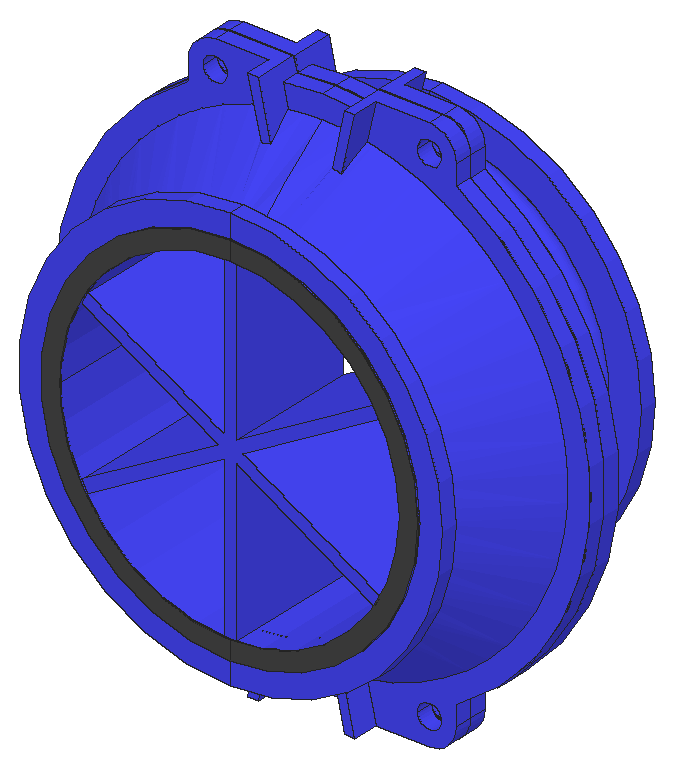
Revit family "928-00-002-DN600-1200", category Pipe Accessories, Revit 2022
Family settings
  Round Connector Dimension = Use Diameter
  Part Type = Valve - Breaks Into
  Work Plane-Based = No
  Always vertical = Yes
  Cut with Voids When Loaded = No
  Shared = No
Parameters (values of type "DN900_PN25")
  slot_L = FL_T * 0.2  # 9.3 mm
  reference = Bore_R + Raised_dis  # 454 mm
  logo = B / 4  # 88.75 mm
  fillet_location = Raised_R * 0.8  # 400 mm
  URL product pages = "https://www.avkvalves.com/P.aspx?no=92860000030010200"
  Support_dim1 = size_lookup(Search_table, "Support_dim1", 0 mm, DN)  # 358.55 mm
  Support_dim = size_lookup(Search_table, "Support_dim", 0 mm, DN)  # 71.04 mm
  Slot_b = slot_L * 0.4  # 3.72 mm
  Search_table = "928-00-002-DN600-1200"
  Rib_T = FL_support3 * 0.8  # 113.6 mm
  Rib_L = FL_T * 1.5  # 69.75 mm
  Raised_dis = size_lookup(Search_table, "Raised_dis", 0 mm, DN)  # 4 mm
  Raised_R = size_lookup(Search_table, "Raised_R", 0 mm, DN)  # 500 mm
  PCD = size_lookup(Search_table, "PCD", 0 mm, DN) / 2  # 525 mm
  Mid_FL+5 = Mid_FL * 1.7  # 50.32 mm
  Mid_FL = A * 0.04  # 29.6 mm
  Inside_T = FL_T * 0.35  # 16.275 mm
  Hole_R = size_lookup(Search_table, "Hole_R", 0 mm, DN) * 1.8  # 32.4 mm
  Fillet = size_lookup(Search_table, "Fillet", 0 mm, DN)  # 23.25 mm
  FL_support4 = FL_support3 * 0.7  # 99.4 mm
  FL_support3 = B * 0.4  # 142 mm
  FL_support2 = B * 0.9  # 319.5 mm
  FL_support1 = Body_revolve + (Body_revolve * 0.1)  # 99.99 mm
  FL_T = size_lookup(Search_table, "FL_T", 0 mm, DN)  # 46.5 mm
  FL_R = size_lookup(Search_table, "FL_R", 0 mm, DN)  # 562 mm
  Description_ = "AVK DISC CHECK VALVE, FLANGED, PN25"
  Default Elevation = 0 mm
  DN900_PN25 = "928-900-00-030020200"
  DN800_PN25 = "928-800-00-030010200"
  DN750_PN25 = "928-750-00-030010200"
  DN700_PN25 = "928-700-00-030010200"
  DN600_PN25 = "928-600-00-030010200"
  DN1200_PN25 = "928-A12-00-030020200"
  DN1000_PN25 = "928-A10-00-030020200"
  DN = 900 mm
  Bore_R_cut = Bore_R + 2 mm  # 452 mm
  Bore_R = size_lookup(Search_table, "Bore_R", 0 mm, DN)  # 450 mm
  Body_revolve = FL_T + (Mid_FL * 1.5)  # 90.9 mm
  Body_T = size_lookup(Search_table, "Body_T", 0 mm, DN)  # 15 mm
  Body_Rev1 = FL_T + Fillet  # 69.75 mm
  Body_Arc = PCD * 1.1  # 577.5 mm
  B-3 = B - 3 mm  # 352 mm
  B = size_lookup(Search_table, "B", 0 mm, DN) / 2  # 355 mm
  A-3 = A - 3 mm  # 737 mm
  A = size_lookup(Search_table, "A", 0 mm, DN) / 2  # 740 mm
  5 = 5 mm  # constant formula
  1 = 1 mm  # constant formula
Types (8, lengths in mm): name | slot_L | reference | logo | fillet_location | Support_dim1 | Support_dim | Slot_b | Rib_T | Rib_L | Raised_R | PCD | Mid_FL+5 | Mid_FL | Inside_T | Hole_R | Fillet | FL_support4 | FL_support3 | FL_support2 | FL_support1 | FL_T | FL_R | DN | Bore_R_cut | Bore_R | Body_revolve | Body_T | Body_Rev1 | Body_Arc | B-3 | B | A-3 | A
  (no name) | 9.3 | 454 | 88.75 | 400 | 358.55 | 71.04 | 3.72 | 113.6 | 69.75 | 500 | 525 | 50.32 | 29.6 | 16.275 | 32.4 | 23.25 | 99.4 | 142 | 319.5 | 99.99 | 46.5 | 562 | 900 | 452 | 450 | 90.9 | 15 | 69.75 | 577.5 | 352 | 355 | 737 | 740
  DN600_PN25 | 7.2 | 304 | 54.375 | 272.8 | 219.675 | 44.16 | 2.88 | 69.6 | 54 | 341 | 385 | 31.28 | 18.4 | 12.6 | 28.8 | 18 | 60.9 | 87 | 195.75 | 69.96 | 36 | 420 | 600 | 302 | 300 | 63.6 | 8 | 54 | 423.5 | 214.5 | 217.5 | 457 | 460
  DN700_PN25 | 8 | 354 | 62.5 | 317.6 | 252.5 | 53.76 | 3.2 | 80 | 60 | 397 | 420 | 38.08 | 22.4 | 14 | 28.8 | 20 | 70 | 100 | 225 | 80.96 | 40 | 455 | 700 | 352 | 350 | 73.6 | 10 | 60 | 462 | 247 | 250 | 557 | 560
  DN750_PN25 | 8.6 | 379 | 64.375 | 336 | 260.075 | 56.64 | 3.44 | 82.4 | 64.5 | 420 | 450 | 40.12 | 23.6 | 15.05 | 32.4 | 21.5 | 72.1 | 103 | 231.75 | 86.24 | 43 | 480 | 750 | 377 | 375 | 78.4 | 12 | 64.5 | 495 | 254.5 | 257.5 | 587 | 590
  DN800_PN25 | 8.6 | 404 | 64.375 | 360.8 | 260.075 | 56.64 | 3.44 | 82.4 | 64.5 | 451 | 475 | 40.12 | 23.6 | 15.05 | 32.4 | 21.5 | 72.1 | 103 | 231.75 | 86.24 | 43 | 512 | 800 | 402 | 400 | 78.4 | 14 | 64.5 | 522.5 | 254.5 | 257.5 | 587 | 590
  DN900_PN25 | 9.3 | 454 | 88.75 | 400 | 358.55 | 71.04 | 3.72 | 113.6 | 69.75 | 500 | 525 | 50.32 | 29.6 | 16.275 | 32.4 | 23.25 | 99.4 | 142 | 319.5 | 99.99 | 46.5 | 562 | 900 | 452 | 450 | 90.9 | 15 | 69.75 | 577.5 | 352 | 355 | 737 | 740
  DN1000_PN25 | 10 | 504 | 91.25 | 444.8 | 368.65 | 72 | 4 | 116.8 | 75 | 556 | 585 | 51 | 30 | 17.5 | 36 | 25 | 102.2 | 146 | 328.5 | 104.5 | 50 | 627 | 1000 | 502 | 500 | 95 | 15 | 75 | 643.5 | 362 | 365 | 747 | 750
  DN1200_PN25 | 11.4 | 604 | 112.5 | 531.2 | 454.5 | 90.72 | 4.56 | 144 | 85.5 | 664 | 695 | 64.26 | 37.8 | 19.95 | 36 | 28.5 | 126 | 180 | 405 | 125.07 | 57 | 743 | 1200 | 602 | 600 | 113.7 | 18 | 85.5 | 764.5 | 447 | 450 | 942 | 945
Reference planes
  plane 1 "Center (Front/Back)": y = 0
  plane 2: z = 0
  plane 3 "Center (Left/Right)": x = 0
  plane 4: z = 740
  plane 5: z = -740
  plane 6: x = -355
  plane 7: x = 355
  plane 8: y = 355
  plane 9: y = -355
  plane 10: y = 46.5
  plane 11: y = -46.5
  plane 12: x = -358.55
  plane 13: x = 358.55
  plane 14: y = 1.86
  plane 15: y = -1.86
  plane 16: x = -740
  plane 17: x = 740
  plane 18: y = 308.5
  plane 19: y = -308.5
  plane 20: through (0, -1524, 0) normal (-0.5, 0, -0.866)
  plane 21: through (0, -1524, 0) normal (-0.866, 0, 0.5)
  plane 22: through (0, -1524, 0) normal (0.5, 0, -0.866)
  plane 23: through (0, -1524, 0) normal (-0.5, 0, 0.866)
  plane 24: through (0, -1524, 0) normal (0.5, 0, 0.866)
  plane 25: through (0, -1524, 0) normal (0.866, 0, 0.5)
Forms (mm)
  Revolve 1, solid, material "Laminate, Blue, Matte"
    sketch origin (0, 0, 0) x (0, 1, 0) y (0, 0, 1)
      loop
        line (354, 0) -> (354, 500) -> (351, 500) -> (351, 562) -> (308.5, 562) -> (308.5, 475.25)
        arc (308.5, 475.25) -> (301.69, 458.81) -> (285.25, 452) r 23.25
        line (285.25, 452) -> (46.5, 452) -> (46.5, 710.4) -> (-46.5, 710.4) -> (-46.5, 452) -> (-285.25, 452)
        arc (-285.25, 452) -> (-301.69, 458.81) -> (-308.5, 475.25) r 23.25
        line (-308.5, 475.25) -> (-308.5, 562) -> (-351, 562) -> (-351, 500) -> (-354, 500) -> (-354, 0) -> (354, 0)
      axis (354, 0) -> (-354, 0)
    angle from 0 to 360
  Revolve 2, solid, material "Laminate, Blue, Matte"
    sketch origin (0, 0, 0) x (0, 1, 0) y (0, 0, 1)
      loop
        arc (285.25, 452) -> (169.733, 555.223) -> (46.5, 649.1) r 1980.18
        line (46.5, 649.1) -> (-46.5, 649.1)
        arc (-46.5, 649.1) -> (-169.733, 555.223) -> (-285.25, 452) r 1980.18
        line (-285.25, 452) -> (285.25, 452)
      axis (285.25, 0) -> (-285.25, 0)
    angle from 0 to 360
  Revolve 3, solid, material "Default Wall"
    sketch origin (0, 0, 0) x (0, 1, 0) y (0, 0, 1)
      loop
        line (355, 500) -> (354, 500) -> (354, 450) -> (355, 450) -> (355, 500)
      loop
        line (-354, 500) -> (-355, 500) -> (-355, 450) -> (-354, 450) -> (-354, 500)
      axis (355, 0) -> (-355, 0)
    angle from 0 to 360
  Extrusion 4, solid, material "Laminate, Blue, Matte"
    sketch origin (0, 0, 0) x (1, 0, 0) y (0, 0, 1)
      loop
        line (355, 740) -> (142, 740) -> (99.4, 640.01) -> (-99.4, 640.01) -> (-142, 740) -> (-358.55, 740) -> (-358.55, -740) -> (-142, -740) -> (-99.4, -640.01) -> (99.4, -640.01) -> (142, -740) -> (355, -740) -> (355, 740)
    from -46.5 to 46.5
  Extrusion 5, void
    sketch origin (0, 0, 0) x (-1, 0, 0) y (0, 0, 1)
      loop
        arc (-355, 668.96) -> (-334.193, 719.193) -> (-283.96, 740) r 71.04
        line (-283.96, 740) -> (-283.96, 741) -> (-358.55, 741) -> (-358.55, 613.278)
        arc (-358.55, 613.278) -> (-356.776, 614.312) -> (-355, 615.34) r 710.4
        line (-355, 615.34) -> (-355, 668.96)
      loop
        line (355, 668.96) -> (355, 615.34)
        arc (355, 615.34) -> (356.776, 614.312) -> (358.55, 613.278) r 710.4
        line (358.55, 613.278) -> (358.55, 741) -> (283.96, 741) -> (283.96, 740)
        arc (283.96, 740) -> (334.193, 719.193) -> (355, 668.96) r 71.04
      loop
        line (-355, -668.96) -> (-355, -615.34)
        arc (-355, -615.34) -> (-356.776, -614.312) -> (-358.55, -613.278) r 710.4
        line (-358.55, -613.278) -> (-358.55, -741) -> (-283.96, -741) -> (-283.96, -740)
        arc (-283.96, -740) -> (-334.193, -719.193) -> (-355, -668.96) r 71.04
      loop
        arc (355, -668.96) -> (334.193, -719.193) -> (283.96, -740) r 71.04
        line (283.96, -740) -> (283.96, -741) -> (358.55, -741) -> (358.55, -613.278)
        arc (358.55, -613.278) -> (356.776, -614.312) -> (355, -615.34) r 710.4
        line (355, -615.34) -> (355, -668.96)
      loop
        circle (-283.96, 668.96) r 32.4
      loop
        circle (283.96, 668.96) r 32.4
      loop
        circle (-283.96, -668.96) r 32.4
      loop
        circle (283.96, -668.96) r 32.4
    from -46.5 to 46.5
  Extrusion 6, solid, material "Laminate, Blue, Matte"
    sketch origin (0, 0, 0) x (1, 0, 0) y (0, 0, 1)
      loop
        line (0, 152.232) -> (142, 740) -> (113.6, 740) -> (0, 213.785) -> (-113.6, 740) -> (-142, 740) -> (0, 152.232)
      loop
        line (0, -152.232) -> (-142, -740) -> (-113.6, -740) -> (0, -213.785) -> (113.6, -740) -> (142, -740) -> (0, -152.232)
    from -116.25 to 116.25
  Revolve 7, void
    sketch origin (0, 0, 0) x (0, 1, 0) y (0, 0, 1)
      loop
        line (1.86, 811.04) -> (-1.86, 811.04) -> (-1.86, 562) -> (1.86, 562) -> (1.86, 811.04)
      axis (1.86, 0) -> (-1.86, 0)
    angle from 0 to 360
  Extrusion 8, void
    sketch origin (0, 0, 0) x (-1, 0, 0) y (0, 0, 1)
      loop
        circle (0, 0) r 450
    from -355 to 355
  Extrusion 9, solid, material "Laminate, Blue, Matte"
    sketch origin (0, 0, 0) x (1, 0, 0) y (0, 0, 1)
      loop
        line (-16.275, 450) -> (-16.275, 28.189) -> (-381.574, 239.095) -> (-397.849, 210.905) -> (-32.55, 0) -> (-397.849, -210.905) -> (-381.574, -239.095) -> (-16.275, -28.189) -> (-16.275, -450) -> (16.275, -450) -> (16.275, -28.189) -> (381.574, -239.095) -> (397.849, -210.905) -> (32.55, 0) -> (397.849, 210.905) -> (381.574, 239.095) -> (16.275, 28.189) -> (16.275, 450) -> (-16.275, 450)
    from 351 to 0
Cuts and joins
  Extrusion 5, Revolve 7, Extrusion 8 cuts Revolve 1
  Extrusion 5, Revolve 7, Extrusion 8 cuts Revolve 2
  Extrusion 5, Revolve 7, Extrusion 8 cuts Extrusion 4
  Revolve 7, Extrusion 8 cuts Extrusion 6
  joined: Revolve 1, Revolve 2, Extrusion 4, Extrusion 6
  Extrusion 8 cuts Revolve 3
Dimensions and locks
  equal spacing: plane 4, level, plane 5
  "A": plane 4 to level
  equal spacing: plane 7, plane 3 "Center (Left/Right)", plane 6
  "B": plane 3 "Center (Left/Right)" to plane 6
  equal spacing: plane 8, plane 1 "Center (Front/Back)", plane 9
  "B": plane 8 to plane 1 "Center (Front/Back)"
  "FL_R": Revolve 1 sketch curve to level  (x2)
  "Raised_dis": plane 8 to Revolve 1 sketch curve
  "FL_T": plane 8 to Revolve 1 sketch curve
  "Raised_dis": Revolve 1 sketch curve to plane 9
  "FL_T": Revolve 1 sketch curve to plane 9
  "Raised_R": Revolve 1 sketch curve to level
  "Mid_FL": plane 4 to Revolve 1 sketch curve
  equal spacing: Revolve 1 sketch curve, plane 1 "Center (Front/Back)", Revolve 1 sketch curve
  "FL_T": Revolve 1 sketch curve to plane 1 "Center (Front/Back)"
  "Bore_R_cut": Revolve 1 sketch curve to level
  "Bore_R_cut": Revolve 2 sketch curve to level
  "Body_revolve": plane 4 to Revolve 2 sketch curve
  "Body_Rev1": plane 8 to Revolve 2 sketch curve
  equal spacing: Revolve 2 sketch curve, plane 1 "Center (Front/Back)", Revolve 2 sketch curve
  "FL_T": plane 1 "Center (Front/Back)" to Revolve 2 sketch curve
  "Body_Rev1": Revolve 2 sketch curve to plane 9
  "Bore_R": Revolve 3 sketch curve to level  (x2)
  "Raised_R": Revolve 3 sketch curve to level  (x2)
  "1": plane 8 to Revolve 3 sketch curve
  "1": Revolve 3 sketch curve to plane 9
  "1": plane 8 to Revolve 1 sketch curve
  "1": Revolve 1 sketch curve to plane 9
  equal spacing: Extrusion 4 sketch curve, plane 3 "Center (Left/Right)", Extrusion 4 sketch curve  (x4)
  Extrusion 4 sketch curve to plane 3 "Center (Left/Right)" = 355 mm
  "FL_support1": Extrusion 4 sketch curve to plane 4
  "FL_support3": Extrusion 4 sketch curve to plane 3 "Center (Left/Right)"  (x2)
  "FL_support4": Extrusion 4 sketch curve to plane 3 "Center (Left/Right)"  (x2)
  "Support_dim1": plane 3 "Center (Left/Right)" to Extrusion 4 sketch curve
  "FL_support1": plane 5 to Extrusion 4 sketch curve
  equal spacing: plane 10, plane 1 "Center (Front/Back)", plane 11
  "FL_T": plane 10 to plane 1 "Center (Front/Back)"
  "Support_dim": Extrusion 5 sketch curve to plane 7  (x2)
  "Support_dim": Extrusion 5 sketch curve to plane 6  (x2)
  "Support_dim": Extrusion 5 sketch curve to plane 4  (x2)
  "Support_dim": plane 5 to Extrusion 5 sketch curve  (x2)
  "Support_dim1": plane 3 "Center (Left/Right)" to plane 12
  "1": Extrusion 5 sketch curve to plane 4  (x2)
  "1": plane 5 to Extrusion 5 sketch curve  (x2)
  equal spacing: plane 13, plane 3 "Center (Left/Right)", plane 12
  "FL_support3": plane 3 "Center (Left/Right)" to Extrusion 6 sketch curve  (x4)
  "Rib_T": plane 3 "Center (Left/Right)" to Extrusion 6 sketch curve  (x4)
  equal spacing: Extrusion 6 sketch curve, level, Extrusion 6 sketch curve  (x2)
  locked: Extrusion 6 sketch curve to plane 3 "Center (Left/Right)"  (x2)
  equal spacing: cut or joined group of Revolve 1, Revolve 2, Extrusion 4, Extrusion 5, Extrusion 6, Revolve 7, Extrusion 8, plane 1 "Center (Front/Back)", cut or joined group of Revolve 1, Revolve 2, Extrusion 4, Extrusion 5, Extrusion 6, Revolve 7, Extrusion 8
  "Rib_L": cut or joined group of Revolve 1, Revolve 2, Extrusion 4, Extrusion 5, Extrusion 6, Revolve 7, Extrusion 8 to plane 10
  equal spacing: plane 14, plane 1 "Center (Front/Back)", plane 15
  "Slot_b": plane 14 to plane 15
  equal spacing: plane 17, plane 3 "Center (Left/Right)", plane 16
  "A": plane 3 "Center (Left/Right)" to plane 16
  equal spacing: Revolve 7 sketch curve, plane 1 "Center (Front/Back)", Revolve 7 sketch curve
  "FL_R": Revolve 7 sketch curve to level
  "Support_dim": Revolve 7 sketch curve to plane 4
  equal spacing: plane 18, plane 1 "Center (Front/Back)", plane 19
  "FL_T": plane 8 to plane 18
  equal spacing: Extrusion 8 sketch curve, level, Extrusion 8 sketch curve
  equal spacing: Extrusion 8 sketch curve, plane 3 "Center (Left/Right)", Extrusion 8 sketch curve
  equal spacing: Extrusion 9 sketch curve, level, Extrusion 9 sketch curve
  equal spacing: Extrusion 9 sketch curve, plane 3 "Center (Left/Right)", Extrusion 9 sketch curve
  "Inside_T": Extrusion 9 sketch curve to plane 3 "Center (Left/Right)"
  "Bore_R": level to Extrusion 9 sketch curve
  "Raised_dis": Extrusion 9 to plane 9
  "Inside_T": Extrusion 9 sketch curve to plane 20
  equal spacing: Extrusion 9 sketch curve, plane 20, Extrusion 9 sketch curve
  equal spacing: Extrusion 9 sketch curve, plane 21, Extrusion 9 sketch curve
  "Bore_R": Extrusion 9 sketch curve to plane 21
  equal spacing: Extrusion 9 sketch curve, plane 22, Extrusion 9 sketch curve
  equal spacing: Extrusion 9 sketch curve, plane 23, Extrusion 9 sketch curve
  equal spacing: Extrusion 9 sketch curve, plane 24, Extrusion 9 sketch curve
  "Inside_T": plane 23 to Extrusion 9 sketch curve
  "Inside_T": Extrusion 9 sketch curve to plane 24
  "Inside_T": plane 22 to Extrusion 9 sketch curve
  equal spacing: Extrusion 9 sketch curve, plane 25, Extrusion 9 sketch curve
  "Bore_R": Extrusion 9 sketch curve to plane 25
  plane 4 to plane 5 = 1480 mm
  plane 8 to plane 9 = 710 mm
  plane 18 to nested 1 = 298.113 mm
  "Fillet": radius of Revolve 1 sketch curve  (x2)
  "Support_dim": radius of Extrusion 5 sketch curve  (x4)
  "Hole_R": radius of Extrusion 5 sketch curve  (x4)
  "Bore_R": radius of Extrusion 8 sketch curve
  aligned and locked: level to plane 2
  aligned and locked: Revolve 1 sketch curve to level  (x2)
  aligned and locked: Revolve 1 sketch curve to Revolve 1 sketch curve  (x2)
  aligned and locked: Revolve 2 sketch curve to level
  aligned and locked: plane 8 to Revolve 3 sketch curve
  aligned and locked: Revolve 3 sketch curve to plane 9
  aligned and locked: level to Revolve 3 sketch curve
  aligned and locked: plane 4 to Extrusion 4 sketch curve  (x2)
  aligned and locked: plane 7 to Extrusion 4 sketch curve
  aligned and locked: Extrusion 4 sketch curve to plane 5
  aligned and locked: plane 5 to Extrusion 4 sketch curve
  aligned and locked: Extrusion 4 to plane 11
  aligned and locked: cut or joined group of Revolve 1, Revolve 2, Extrusion 4, Extrusion 5, Extrusion 6, Revolve 7, Extrusion 8 to plane 10
  aligned and locked: Extrusion 5 to Revolve 1  (x2)
  aligned and locked: Extrusion 5 sketch curve to plane 13
  aligned and locked: Extrusion 5 sketch curve to plane 12
  aligned and locked: plane 13 to Extrusion 5 sketch curve
  aligned and locked: Extrusion 5 sketch curve to cut or joined group of Revolve 1, Revolve 2, Extrusion 4, Extrusion 5, Extrusion 6, Revolve 7, Extrusion 8  (x4)
  aligned and locked: plane 6 to Extrusion 5 sketch curve
  aligned and locked: plane 12 to Extrusion 5 sketch curve
  aligned and locked: Extrusion 5 sketch curve to plane 7
  aligned and locked: plane 7 to Extrusion 5 sketch curve
  aligned and locked: Extrusion 6 sketch curve to plane 4
  aligned and locked: plane 4 to Extrusion 6 sketch curve
  aligned and locked: Extrusion 6 sketch curve to plane 5
  aligned and locked: plane 5 to Extrusion 6 sketch curve
  aligned and locked: plane 14 to Revolve 7 sketch curve
  aligned and locked: Revolve 7 sketch curve to level
  aligned and locked: Extrusion 8 to plane 8
  aligned and locked: plane 9 to Extrusion 8
  aligned and locked: Extrusion 9 to plane 1 "Center (Front/Back)"
Automatic sketch dimensions
  Revolve 1 sketch curve to plane 10 = 20.5 mm
  Revolve 1 sketch curve to Revolve 1 sketch curve = 14.121 mm
  Revolve 2 sketch curve to plane 5 = 231.823 mm  (x2)
  Revolve 2 sketch curve to plane 11 = 63 mm
  Revolve 2 sketch curve to plane 10 = 28 mm
  plane 19 to Revolve 3 sketch curve = 16.693 mm
  Revolve 3 sketch curve to plane 10 = 10.693 mm
  Extrusion 5 sketch curve to Extrusion 5 sketch curve = 0 mm  (x5)
  Extrusion 6 sketch curve to plane 3 "Center (Left/Right)" = 0 mm  (x2)
  Extrusion 6 sketch curve to level = 213.785 mm
  Extrusion 6 sketch curve to Extrusion 6 sketch curve = 61.554 mm
  plane 9 to Revolve 7 sketch curve = 306.525 mm
  Revolve 7 sketch curve to Revolve 7 sketch curve = 840 mm
  plane 21 to Extrusion 9 sketch curve = 0 mm  (x2)
Nested families
  nested 1: "LOGO 80" at (-674.208, 9.747, -9.747) x (-0.5559, -0.8313, -0.0008) z (-0.8312, 0.5558, -0.012), type "LOGO 80"
Connectors
  piping at (0, 355, 0), diameter 900, driven by "DN"
    settings: on Revolve 3, index 1, connector inside diameter 609.6 mm, connector length 0 mm, flow factor 0, pipe flow 0.0 L/s, pressure drop 0.0 Pa, fitting loss kfactor 0, connector angle 0.00°, fixture units 0, engagement length 0 mm, angle of deflection 0.00°, flow configuration 0, flow direction 0, fitting loss method 0, system type 7, joint type 0, gender type 0, connector reference index -1, connector utility 0, adjustable connector no, is connector primary yes, connector description ""
  piping at (0, -355, 0), diameter 900, driven by "DN"
    settings: on Revolve 3, index 2, connector inside diameter 609.6 mm, connector length 0 mm, flow factor 0, pipe flow 0.0 L/s, pressure drop 0.0 Pa, fitting loss kfactor 0, connector angle 0.00°, fixture units 0, engagement length 0 mm, angle of deflection 0.00°, flow configuration 0, flow direction 0, fitting loss method 0, system type 7, joint type 0, gender type 0, connector reference index -1, connector utility 0, adjustable connector no, is connector primary no, connector description ""
Definition of nested family "LOGO 80"
  Parameters (values of type "LOGO 80")
    Default Elevation = 1219.2 mm
    DN600 = yes
    DN500 = yes
  Reference planes
    plane 1 "Center (Front/Back)": y = 0
    plane 2: z = 0
    plane 3 "Center (Left/Right)": x = 0
  Forms (mm)
    Extrusion 1, solid
      sketch origin (0, 0, 0) x (1, 0, 0) y (0, 1, 0)
        loop
          line (-1219.2, 1219.2) -> (-1219.2, -1219.2) -> (1219.2, -1219.2) -> (1219.2, 1219.2) -> (-1219.2, 1219.2)
      from 0 to -304.8
    Extrusion 2, solid, visible <- "DN600"
      sketch origin (0, 0, 0) x (1, 0, 0) y (0, 1, 0)
        loop
          line (-13.414, 47.067) -> (-49.421, 47.067) -> (-49.421, 37.301) -> (-20.11, 37.301) -> (-4.923, 0) -> (4.923, 0) -> (20.11, 37.301) -> (49.421, 37.301) -> (49.421, 47.067) -> (13.414, 47.067) -> (0, 14.12) -> (-13.414, 47.067)
        loop
          line (-49.421, 24.122) -> (-40.161, 24.122) -> (-49.421, 0) -> (-38.959, 0) -> (-36.972, 5.177) -> (-21.641, 5.177) -> (-19.533, 0) -> (-8.989, 0) -> (-22.642, 33.536) -> (-49.421, 33.536) -> (-49.421, 24.122)
        loop
          line (-34.548, 14.12) -> (-25.282, 14.12) -> (-30.051, 25.833) -> (-34.548, 14.12)
        loop
          line (22.642, 33.536) -> (8.989, 0) -> (19.533, 0) -> (24.902, 13.186) -> (34.838, 0) -> (47.067, 0) -> (35.829, 14.914)
          arc (35.829, 14.914) -> (42.384, 18.149) -> (46.597, 24.122) r 14.826
          line (46.597, 24.122) -> (49.421, 24.122) -> (49.421, 33.536) -> (40.007, 33.536)
          arc (40.007, 33.536) -> (36.577, 25.039) -> (28.208, 21.306) r 12.238
          line (28.208, 21.306) -> (33.187, 33.536) -> (22.642, 33.536)
      from 0 to 1
  Dimensions and locks
    aligned and locked: plane 2 to Extrusion 1
    aligned and locked: level to Extrusion 1
